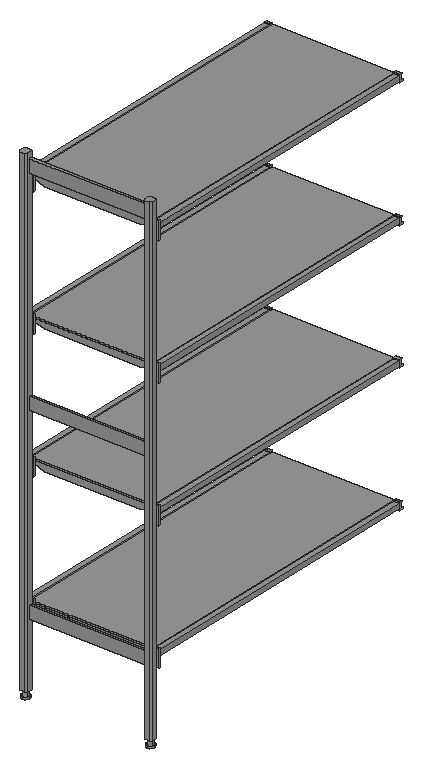
Revit family "QF_ELECTROLUXPROFESSIONAL_137074_CLS1094", category Attrezzature speciali, Revit 2020
Family settings
  Quota connettore circolare = Usa diametro
  Tipo di parte = Normale
  Basato su piano di lavoro = No
  Sempre verticale = Sì
  Taglio con vuoti quando caricato = No
  Condiviso = No
  Punto di calcolo locali = No
Parameters (values of type "Standard")
  Weight = 20.00 kg
  Watts = 0 W
  Volts = 0 V
  URL Manufacturer = "https://www.electroluxprofessional.com/"
  URL = "https://www.electroluxprofessional.com/"
  Steam Supply Size = 0 mm
  Steam Supply Minimum Pressure = 0.0 Pa
  Steam Supply Maximum Pressure = 0.0 Pa
  Steam Consumption per Hour = 0
  Refrigeration Suction Line Size = 0.0 mm
  Refrigeration Liquid Line Size = 0.0 mm
  Refrigerant Compressor Remote = yes
  Prospetto di default = 0.0 mm
  Phase = 0
  Modello = "CLS1094"
  Produttore = "Electrolux Professional"
  Length Actual = 1098.0 mm  # constant formula
  Item Number = "137074"
  Hot Water Size = 0 mm
  Height Actual = 1700.0 mm  # constant formula
  HP = "0 HP"
  Gas Size = 0 mm
  Gas KW = 0
  Gas Input Pressure = 0 W
  Direct Waste Size = 0 mm
  Descrizione = "ALUM.CORNER SHELV.-POLY.TIERS-475X1098MM"
  Depth Actual = 475.0 mm  # constant formula
  Cycle = 0 Hz
  Condensate Return Size = 0 mm
  Compressed Air Volume = 0.0 L/s
  Compressed Air Size = 0 mm
  Compressed Air Pressure = 0.0 Pa
  Cold Water Size = 0 mm
  Accessory = yes
Reference planes
  plane 1: z = 0
  plane 2 "Center (F/B)": y = -163.5
  plane 3 "Front": y = -549.5
  plane 4 "Left": x = -217.5
  plane 5 "Right": x = 257.5
  plane 6 "TOP": z = 1700
  plane 7: y = -517.5
  plane 8: y = 544.5
  plane 9 "Center (Left/Right)": x = 20
  plane 10: y = 539.5
  plane 11: x = -186
  plane 12: x = 226
  plane 13 "FEET": z = 25
  plane 14: z = 275
  plane 15: z = 725
  plane 16: z = 1175
  plane 17: z = 1625
  plane 18 "CXLeft": y = -535.5
  plane 19: x = -200
  plane 20 "CYBack": x = -200
  plane 21 "CYFront": x = 138
  plane 22 "Back": y = 548.5
  plane 23 "LEFT_ORIGIN": x = -251.5
  plane 24 "BACK_Origin": y = 1023.5
Forms (mm)
  Extrusion 1, solid, material "QF_Aluminum"
    sketch origin (0, -549.5, 0) x (-1, 0, 0) y (0, 0, 1)
      loop
        line (198.5, 1650.994) -> (198.5, 1632.998) -> (217.5, 1632.998) -> (217.5, 1650.994) -> (198.5, 1650.994)
      loop
        line (-238.5, 1650.994) -> (-257.5, 1650.994) -> (-257.5, 1632.998) -> (-238.5, 1632.998) -> (-238.5, 1650.994)
      loop
        line (198.5, 1200.994) -> (198.5, 1182.998) -> (217.5, 1182.998) -> (217.5, 1200.994) -> (198.5, 1200.994)
      loop
        line (-238.522, 1200.994) -> (-257.5, 1200.994) -> (-257.5, 1182.998) -> (-238.522, 1182.998) -> (-238.522, 1200.994)
      loop
        line (198.5, 750.994) -> (198.5, 732.998) -> (217.5, 732.998) -> (217.5, 750.994) -> (198.5, 750.994)
      loop
        line (-238.522, 750.994) -> (-257.5, 750.994) -> (-257.5, 732.998) -> (-238.522, 732.998) -> (-238.522, 750.994)
      loop
        line (198.5, 300.994) -> (198.5, 282.998) -> (217.5, 282.998) -> (217.5, 300.994) -> (198.5, 300.994)
      loop
        line (-238.522, 300.994) -> (-257.5, 300.994) -> (-257.5, 282.998) -> (-238.522, 282.998) -> (-238.522, 300.994)
    from 32 to 1094
  Extrusion 2, solid, material "QF_Polyethylene"
    sketch origin (0, -549.5, 0) x (-1, 0, 0) y (0, 0, 1)
      loop
        line (196.507, 1650.994) -> (-236.522, 1650.994) -> (-236.522, 1644.496) -> (196.507, 1644.496) -> (196.507, 1650.994)
      loop
        line (196.507, 1200.994) -> (-236.522, 1200.994) -> (-236.522, 1194.496) -> (196.507, 1194.496) -> (196.507, 1200.994)
      loop
        line (196.507, 750.994) -> (-236.522, 750.994) -> (-236.522, 744.496) -> (196.507, 744.496) -> (196.507, 750.994)
      loop
        line (196.507, 300.994) -> (-236.522, 300.994) -> (-236.522, 294.496) -> (196.507, 294.496) -> (196.507, 300.994)
    from 32 to 1094
Lines and regions (mm)
  symbolic lines
    curve 1: line (-198.5, 544.5, 1700) -> (-198.5, -517.5, 1700)
    curve 2: line (-217.5, -521.5, 1700) -> (-217.5, 544.5, 1700)
    curve 3: line (257.5, -521.5, 1700) -> (257.5, 544.5, 1700)
    curve 4: line (-181.507, -517.5, 1700) -> (221.507, -517.5, 1700)
    curve 5: line (238.522, -517.5, 1700) -> (238.522, 544.5, 1700)
    curve 6: line (-198.5, 544.5, 1700) -> (238.522, 544.5, 1700)
Dimensions and locks
  plane 3 "Front" to plane 2 "Center (F/B)" = 386.0 mm
  locked: plane 6 "TOP" to level at 1700
  locked: plane 4 "Left" to plane 5 "Right" at 475
  locked: plane 7 to plane 8 at 1062
  locked: plane 3 "Front" to plane 7 at 32
  plane 10 to plane 8 = 5.0 mm
  locked: plane 11 to plane 12 at 412
  equal spacing: plane 11, plane 9 "Center (Left/Right)", plane 12
  equal spacing: plane 4 "Left", plane 9 "Center (Left/Right)", plane 5 "Right"
  plane 13 "FEET" to level = 25.0 mm
  plane 6 "TOP" to plane 13 "FEET" = 1675.0 mm
  plane 14 to plane 13 "FEET" = 250.0 mm
  plane 15 to plane 14 = 450.0 mm
  plane 16 to plane 15 = 450.0 mm
  plane 17 to plane 16 = 450.0 mm
  locked: plane 3 "Front" to plane 18 "CXLeft" at 14
  locked: plane 3 "Front" to plane 22 "Back" at 1098
  plane 23 "LEFT_ORIGIN" to plane 5 "Right" = 509.0 mm
  locked: plane 22 "Back" to plane 24 "BACK_Origin" at 475
  aligned and locked: level to plane 1
  aligned and locked: Extrusion 2 to plane 7
  aligned and locked: plane 8 to Extrusion 2
  aligned and locked: Extrusion 1 to plane 7
  aligned and locked: plane 8 to Extrusion 1
  aligned and locked: Extrusion 1 sketch curve to Extrusion 1 sketch curve  (x2)
  aligned and locked: plane 18 "CXLeft" to nested 1
  aligned and locked: nested 2 to plane 10
Automatic sketch dimensions
  curve 2 to plane 4 "Left" = 0.0 mm
  curve 3 to plane 5 "Right" = 0.0 mm
  plane 7 to curve 1 = 0.0 mm
  plane 7 to curve 4 = 0.0 mm
  plane 7 to curve 5 = 0.0 mm
  plane 8 to curve 2 = 0.0 mm
  plane 8 to curve 1 = 0.0 mm
  plane 8 to curve 3 = 0.0 mm
  curve 5 to plane 21 "CYFront" = 100.522 mm
  plane 19 to curve 6 = 1.5 mm
  plane 7 to curve 3 = 4.0 mm
  plane 7 to curve 2 = 4.0 mm
  plane 12 to curve 4 = 4.493 mm
  curve 4 to plane 11 = 4.493 mm
  plane 5 "Right" to Extrusion 1 sketch curve = 0.0 mm  (x4)
  plane 4 "Left" to Extrusion 1 sketch curve = 0.0 mm  (x4)
  Extrusion 1 sketch curve to plane 21 "CYFront" = 100.522 mm
  Extrusion 1 sketch curve to plane 21 "CYFront" = 100.5 mm
  plane 19 to Extrusion 1 sketch curve = 1.5 mm  (x4)
  plane 14 to Extrusion 1 sketch curve = 7.998 mm  (x2)
  Extrusion 1 sketch curve to Extrusion 1 sketch curve = 17.997 mm  (x8)
  plane 15 to Extrusion 1 sketch curve = 7.998 mm  (x2)
  plane 16 to Extrusion 1 sketch curve = 7.998 mm  (x2)
  plane 17 to Extrusion 1 sketch curve = 7.998 mm  (x2)
  Extrusion 2 sketch curve to plane 21 "CYFront" = 98.522 mm  (x4)
  plane 19 to Extrusion 2 sketch curve = 3.493 mm  (x4)
  plane 14 to Extrusion 2 sketch curve = 19.496 mm
  Extrusion 2 sketch curve to Extrusion 2 sketch curve = 6.499 mm  (x4)
  plane 15 to Extrusion 2 sketch curve = 19.496 mm
  plane 16 to Extrusion 2 sketch curve = 19.496 mm
  plane 17 to Extrusion 2 sketch curve = 19.496 mm
Nested families
  nested 1: "WT_Anta475" at (-194.5, -132.5, 0) x (0, 1, 0) z (0, 0, 1), type "WT_Anta475"
  nested 2: "WT_Aggancio475" at (-194.5, 956.5, 0) x (0, 1, 0) z (0, 0, 1), type "WT_Aggancio475"
Definition of nested family "WT_Anta475"
  Parameters
    WidthLeft = A + 64.0 mm  # 772.0 mm
    Width = 1606.0 mm
    Right = WidthLeft / 2  # 386.0 mm
    Default Elevation = 0.0 mm
    Left = -WidthLeft / 2  # -386.0 mm
    Height = 1725.0 mm
    FEET = 25.0 mm
    E = 0.0 mm
    Dint = Depth - 63.0 mm  # 412.0 mm
    Dext = Depth - 8.0 mm  # 467.0 mm
    Depth = 475.0 mm
    DX = (WidthLeft - A) / 2  # 32.0 mm
    B = 798.0 mm
    A = 708.0 mm
  Reference planes
    plane 1: z = 0
    plane 2 "LEFT": x = -417
    plane 3 "BACK": y = 23
    plane 4 "FRONT": y = -452
    plane 5 "TOP": z = 1725
    plane 6 "Center (Front/Back)": y = -214.5
    plane 7: y = -8.5
    plane 8: y = -420.5
    plane 9 "FEET": z = 25
    plane 10: z = 275
    plane 11: z = 725
    plane 12: z = 1175
    plane 13: z = 1625
    plane 14 "CXLeft": x = -403
    plane 15: y = 5.5
    plane 16 "CYBack": y = 5.5
    plane 17 "CYFront": y = -434.5
    plane 18: x = -385.031
    plane 19: x = -380.031
  Forms (mm)
    Extrusion 1, solid
      sketch origin (0, 0, 0) x (1, 0, 0) y (0, 1, 0)
        loop
          line (-417, 13.246) -> (-417, -2.246) -> (-410.746, -8.5) -> (-395.254, -8.5) -> (-389, -2.246) -> (-389, 13.246) -> (-395.254, 19.5) -> (-410.746, 19.5) -> (-417, 13.246)
      from 1725 to 25
    Extrusion 2, solid
      sketch origin (-417, 0, 0) x (0, 1, 0) y (0, 0, 1)
        loop
          line (23, 246.005) -> (23, 307.993) -> (-12.993, 307.993) -> (-12.993, 246.005) -> (23, 246.005)
        loop
          line (-452, 246.005) -> (-416.007, 246.005) -> (-416.007, 307.993) -> (-452, 307.993) -> (-452, 246.005)
        loop
          line (23, 696.005) -> (23, 757.993) -> (-12.993, 757.993) -> (-12.993, 696.005) -> (23, 696.005)
        loop
          line (-452, 696.005) -> (-416.007, 696.005) -> (-416.007, 757.993) -> (-452, 757.993) -> (-452, 696.005)
        loop
          line (23, 1146.005) -> (23, 1207.993) -> (-12.993, 1207.993) -> (-12.993, 1146.005) -> (23, 1146.005)
        loop
          line (-452, 1146.005) -> (-416.007, 1146.005) -> (-416.007, 1207.993) -> (-452, 1207.993) -> (-452, 1146.005)
        loop
          line (23, 1596.005) -> (23, 1657.993) -> (-12.993, 1657.993) -> (-12.993, 1596.005) -> (23, 1596.005)
        loop
          line (-452, 1596.005) -> (-416.007, 1596.005) -> (-416.007, 1657.993) -> (-452, 1657.993) -> (-452, 1596.005)
      from 28 to 32
    Revolve 3, solid
      sketch origin (-403, 0, 0) x (0, 1, 0) y (0, 0, 1)
        loop
          line (5.5, 25) -> (5.5, 0) -> (19, 0) -> (19, 5) -> (14, 5) -> (14, 25) -> (5.5, 25)
        axis (5.5, 25) -> (5.5, 0)
      angle from 0 to 360
    Extrusion 4, solid
      sketch origin (-403, 0, 0) x (0, 1, 0) y (0, 0, 1)
        loop
          line (-8.5, 912.382) -> (-8.5, 957.374) -> (-420.5, 957.374) -> (-420.5, 912.382) -> (-8.5, 912.382)
        loop
          line (-8.5, 1662.244) -> (-8.5, 1707.236) -> (-420.5, 1707.236) -> (-420.5, 1662.244) -> (-8.5, 1662.244)
      from -5 to 5
    Revolve 5, solid
      sketch origin (-403, -627, 0) x (0, -1, 0) y (0, 0, 1)
        loop
          line (-192.5, 25) -> (-192.5, 0) -> (-179, 0) -> (-179, 5) -> (-184, 5) -> (-184, 25) -> (-192.5, 25)
        axis (-192.5, 25) -> (-192.5, 0)
      angle from 0 to 360
    Extrusion 6, solid
      sketch origin (0, -627, 0) x (1, 0, 0) y (0, 1, 0)
        loop
          line (-417, 184.754) -> (-410.746, 178.5) -> (-395.254, 178.5) -> (-389, 184.754) -> (-389, 200.246) -> (-395.254, 206.5) -> (-410.746, 206.5) -> (-417, 200.246) -> (-417, 184.754)
      from 1725 to 25
    Extrusion 7, solid
      sketch origin (-417.031, -0.022, 0) x (0, 1, 0) y (0, 0, -1)
        loop
          line (-12, -1632.998) -> (-46, -1620.994) -> (-383, -1620.994) -> (-417, -1632.998) -> (-433, -1632.998) -> (-433, -1650.994) -> (-431, -1650.994) -> (-431, -1644.496) -> (2.007, -1644.496) -> (2.007, -1650.994) -> (4, -1650.994) -> (4, -1632.998) -> (-12, -1632.998)
        loop
          line (-12, -1182.998) -> (-46, -1170.994) -> (-383, -1170.994) -> (-417, -1182.998) -> (-433, -1182.998) -> (-433, -1200.994) -> (-431, -1200.994) -> (-431, -1194.496) -> (2.007, -1194.496) -> (2.007, -1200.994) -> (4, -1200.994) -> (4, -1182.998) -> (-12, -1182.998)
        loop
          line (-12, -732.998) -> (-46, -720.994) -> (-383, -720.994) -> (-417, -732.998) -> (-433, -732.998) -> (-433, -750.994) -> (-431, -750.994) -> (-431, -744.496) -> (2.007, -744.496) -> (2.007, -750.994) -> (4, -750.994) -> (4, -732.998) -> (-12, -732.998)
        loop
          line (-12, -282.998) -> (-46, -270.994) -> (-383, -270.994) -> (-417, -282.998) -> (-433, -282.998) -> (-433, -300.994) -> (-431, -300.994) -> (-431, -294.496) -> (2.007, -294.496) -> (2.007, -300.994) -> (4, -300.994) -> (4, -282.998) -> (-12, -282.998)
      from -32 to -37
    Extrusion 8, solid
      sketch origin (-403, 0, -659.878) x (0, 1, 0) y (0, 0, 1)
        loop
          line (-8.5, 912.382) -> (-8.5, 957.374) -> (-420.5, 957.374) -> (-420.5, 912.382) -> (-8.5, 912.382)
        loop
          line (-8.5, 1572.382) -> (-8.5, 1617.374) -> (-420.5, 1617.374) -> (-420.5, 1572.382) -> (-8.5, 1572.382)
        loop
          line (-8.5, 2322.382) -> (-8.5, 2367.374) -> (-420.5, 2367.374) -> (-420.5, 2322.382) -> (-8.5, 2322.382)
      from -5 to 5
  Lines and regions (mm)
    symbolic lines
      curve 1: line (-408, -8.5, 1725) -> (-408, -420.5, 1725)
      curve 2: line (-398, -420.5, 1725) -> (-398, -8.5, 1725)
      curve 3: line (-395.254, -8.5, 1725) -> (-410.746, -8.5, 1725)
      curve 4: line (-417, -2.246, 1725) -> (-410.746, -8.5, 1725)
      curve 5: line (-417, 13.246, 1725) -> (-417, -2.246, 1725)
      curve 6: line (-410.746, 19.5, 1725) -> (-417, 13.246, 1725)
      curve 7: line (-395.254, 19.5, 1725) -> (-410.746, 19.5, 1725)
      curve 8: line (-389, 13.246, 1725) -> (-395.254, 19.5, 1725)
      curve 9: line (-395.254, -8.5, 1725) -> (-389, -2.246, 1725)
      curve 10: line (-395.254, -420.5, 1725) -> (-410.746, -420.5, 1725)
      curve 11: line (-417, -426.754, 1725) -> (-410.746, -420.5, 1725)
      curve 12: line (-410.746, -448.5, 1725) -> (-417, -442.246, 1725)
      curve 13: line (-395.254, -448.5, 1725) -> (-410.746, -448.5, 1725)
      curve 14: line (-389, -442.246, 1725) -> (-395.254, -448.5, 1725)
      curve 15: line (-395.254, -420.5, 1725) -> (-389, -426.754, 1725)
      curve 16: line (-389, -452, 1725) -> (-389, -416.007, 1725)
      curve 17: line (-389, -416.007, 1725) -> (-385, -416.007, 1725)
      curve 18: line (-389, 23, 1725) -> (-389, -12.993, 1725)
      curve 19: line (-389, -12.993, 1725) -> (-385, -12.993, 1725)
      curve 20: line (-417, -426.754, 1725) -> (-417, -442.246, 1725)
      curve 21: line (-385, -452, 1725) -> (-385, -416.007, 1725)
      curve 22: line (-385, -452, 1725) -> (-389, -452, 1725)
      curve 23: line (-385, 23, 1725) -> (-389, 23, 1725)
      curve 24: line (-385, -12.993, 1725) -> (-385, 23, 1725)
      curve 25: line (-385.031, -13.016, 1725) -> (-385.031, -416.029, 1725)
  Dimensions and locks
    "Height": plane 5 "TOP" to level
    "Depth": plane 3 "BACK" to plane 4 "FRONT"
    "Dint": plane 7 to plane 8
    equal spacing: plane 7, plane 6 "Center (Front/Back)", plane 8
    equal spacing: plane 3 "BACK", plane 6 "Center (Front/Back)", plane 4 "FRONT"
    plane 9 "FEET" to level = 25.0 mm
    plane 5 "TOP" to plane 9 "FEET" = 1700.0 mm
    plane 10 to plane 9 "FEET" = 250.0 mm
    plane 11 to plane 10 = 450.0 mm
    plane 12 to plane 11 = 450.0 mm
    plane 13 to plane 12 = 450.0 mm
    locked: plane 2 "LEFT" to plane 14 "CXLeft" at 14
    locked: plane 3 "BACK" to plane 16 "CYBack" at 17.5
    locked: plane 17 "CYFront" to plane 4 "FRONT" at 17.5
    locked: Revolve 3 sketch curve to Revolve 3 sketch curve at 8.5
    locked: Revolve 3 sketch curve to plane 16 "CYBack" at 13.5
    locked: Revolve 5 sketch curve to Revolve 5 sketch curve at 8.5
    aligned and locked: level to plane 1
    aligned and locked: curve 20 to Extrusion 6
    aligned and locked: plane 5 "TOP" to Extrusion 1
    aligned and locked: plane 5 "TOP" to Extrusion 6
    aligned and locked: Extrusion 7 sketch curve to Extrusion 7 sketch curve  (x3)
  Automatic sketch dimensions
    curve 16 to plane 4 "FRONT" = 0.0 mm
    curve 11 to plane 8 = 0.0 mm
    curve 9 to plane 7 = 0.0 mm
    curve 5 to plane 2 "LEFT" = 0.0 mm
    curve 23 to plane 3 "BACK" = 0.0 mm
    plane 4 "FRONT" to curve 13 = 3.5 mm
    curve 20 to plane 17 "CYFront" = 7.746 mm
    curve 20 to plane 8 = 6.254 mm
    plane 8 to curve 16 = 4.493 mm
    curve 24 to plane 18 = 0.031 mm
    curve 24 to plane 7 = 4.493 mm
    plane 7 to curve 5 = 6.254 mm
    curve 5 to plane 15 = 7.746 mm
    curve 6 to plane 3 "BACK" = 3.5 mm
    curve 21 to plane 18 = 0.031 mm
    plane 18 to curve 23 = 3.969 mm
    plane 18 to curve 16 = 3.969 mm
    curve 18 to curve 8 = 6.254 mm
    curve 18 to curve 3 = 6.254 mm
    curve 16 to curve 13 = 6.254 mm
    curve 16 to curve 15 = 6.254 mm
    plane 2 "LEFT" to curve 10 = 6.254 mm
    plane 2 "LEFT" to curve 7 = 6.254 mm
    plane 2 "LEFT" to curve 12 = 6.254 mm
    plane 2 "LEFT" to curve 3 = 6.254 mm
    curve 14 to plane 17 "CYFront" = 7.746 mm
    curve 15 to plane 8 = 6.254 mm
    plane 7 to curve 9 = 6.254 mm
    curve 8 to plane 15 = 7.746 mm
    curve 3 to curve 2 = 2.746 mm
    curve 1 to curve 10 = 2.746 mm
    Extrusion 1 sketch curve to plane 2 "LEFT" = 0.0 mm
    Extrusion 1 sketch curve to plane 7 = 0.0 mm
    plane 2 "LEFT" to Extrusion 1 sketch curve = 6.254 mm  (x2)
    plane 14 "CXLeft" to Extrusion 1 sketch curve = 7.746 mm  (x2)
    Extrusion 1 sketch curve to plane 3 "BACK" = 3.5 mm
    plane 18 to Extrusion 1 sketch curve = 3.969 mm
    plane 7 to Extrusion 1 sketch curve = 6.254 mm  (x2)
    Extrusion 1 sketch curve to plane 15 = 7.746 mm  (x2)
    Extrusion 2 sketch curve to plane 4 "FRONT" = 0.0 mm  (x4)
    Extrusion 2 sketch curve to plane 3 "BACK" = 0.0 mm  (x4)
    plane 8 to Extrusion 2 sketch curve = 4.493 mm  (x4)
    Extrusion 2 sketch curve to plane 7 = 4.493 mm  (x4)
    Extrusion 2 sketch curve to plane 10 = 28.995 mm  (x2)
    plane 10 to Extrusion 2 sketch curve = 32.993 mm  (x2)
    Extrusion 2 sketch curve to plane 11 = 28.995 mm  (x2)
    plane 11 to Extrusion 2 sketch curve = 32.993 mm  (x2)
    Extrusion 2 sketch curve to plane 12 = 28.995 mm  (x2)
    plane 12 to Extrusion 2 sketch curve = 32.993 mm  (x2)
    Extrusion 2 sketch curve to plane 13 = 28.995 mm  (x2)
    plane 13 to Extrusion 2 sketch curve = 32.993 mm  (x2)
    Revolve 3 sketch curve to plane 9 "FEET" = 0.0 mm  (x2)
    Revolve 3 sketch curve to plane 15 = 0.0 mm  (x2)
    Revolve 3 sketch curve to level = 0.0 mm
    level to Revolve 3 sketch curve = 5.0 mm
    Revolve 3 sketch curve to Revolve 3 sketch curve = 11.655 mm
    Extrusion 4 sketch curve to plane 8 = 0.0 mm  (x2)
    Extrusion 4 sketch curve to plane 7 = 0.0 mm  (x2)
    plane 11 to Extrusion 4 sketch curve = 187.382 mm
    Extrusion 4 sketch curve to Extrusion 4 sketch curve = 44.992 mm
    plane 13 to Extrusion 4 sketch curve = 37.244 mm
    Extrusion 4 sketch curve to plane 5 "TOP" = 17.764 mm
    Revolve 5 sketch curve to plane 9 "FEET" = 0.0 mm  (x2)
    Revolve 5 sketch curve to plane 17 "CYFront" = 0.0 mm  (x2)
    Revolve 5 sketch curve to level = 0.0 mm
    Revolve 5 sketch curve to plane 4 "FRONT" = 4.0 mm
    Revolve 5 sketch curve to Revolve 5 sketch curve = 5.0 mm
    level to Revolve 5 sketch curve = 11.655 mm
    Extrusion 6 sketch curve to plane 2 "LEFT" = 0.0 mm
    Extrusion 6 sketch curve to plane 8 = 0.0 mm
    Extrusion 6 sketch curve to plane 2 "LEFT" = 6.254 mm  (x2)
    Extrusion 6 sketch curve to plane 14 "CXLeft" = 7.746 mm  (x2)
    Extrusion 6 sketch curve to plane 4 "FRONT" = 3.5 mm
    Extrusion 6 sketch curve to plane 18 = 3.969 mm
    plane 8 to Extrusion 6 sketch curve = 6.254 mm  (x2)
    plane 17 "CYFront" to Extrusion 6 sketch curve = 7.746 mm  (x2)
    plane 17 "CYFront" to Extrusion 7 sketch curve = 1.478 mm  (x4)
    Extrusion 7 sketch curve to Extrusion 7 sketch curve = 2.0 mm
    plane 8 to Extrusion 7 sketch curve = 3.478 mm  (x4)
    Extrusion 7 sketch curve to plane 10 = 4.006 mm
    Extrusion 7 sketch curve to Extrusion 7 sketch curve = 34.0 mm  (x4)
    Extrusion 7 sketch curve to plane 11 = 4.006 mm
    Extrusion 7 sketch curve to plane 12 = 4.006 mm
    Extrusion 7 sketch curve to plane 13 = 4.006 mm
    Extrusion 7 sketch curve to plane 7 = 37.522 mm  (x4)
    Extrusion 7 sketch curve to plane 7 = 3.522 mm  (x4)
    plane 15 to Extrusion 7 sketch curve = 3.516 mm  (x4)
    plane 15 to Extrusion 7 sketch curve = 1.522 mm  (x4)
    plane 13 to Extrusion 7 sketch curve = 7.998 mm  (x2)
    Extrusion 7 sketch curve to Extrusion 7 sketch curve = 11.498 mm
    Extrusion 7 sketch curve to Extrusion 7 sketch curve = 6.499 mm  (x5)
    plane 12 to Extrusion 7 sketch curve = 25.994 mm  (x2)
    plane 12 to Extrusion 7 sketch curve = 7.998 mm  (x2)
    plane 11 to Extrusion 7 sketch curve = 25.994 mm  (x2)
    plane 11 to Extrusion 7 sketch curve = 7.998 mm  (x2)
    plane 10 to Extrusion 7 sketch curve = 25.994 mm  (x2)
    plane 10 to Extrusion 7 sketch curve = 7.998 mm  (x2)
    curve 25 to plane 18 = 0.0 mm
    plane 8 to curve 25 = 4.471 mm
    curve 25 to plane 7 = 4.516 mm
    Extrusion 8 sketch curve to plane 8 = 0.0 mm  (x3)
    Extrusion 8 sketch curve to plane 7 = 0.0 mm  (x3)
    Extrusion 8 sketch curve to plane 10 = 22.496 mm
    plane 10 to Extrusion 8 sketch curve = 22.496 mm
    plane 11 to Extrusion 8 sketch curve = 187.504 mm
    Extrusion 8 sketch curve to Extrusion 8 sketch curve = 44.992 mm
    plane 13 to Extrusion 8 sketch curve = 37.504 mm
    Extrusion 8 sketch curve to plane 5 "TOP" = 17.504 mm
Definition of nested family "WT_Aggancio475"
  Parameters
    WidthLeft = A + 64.0 mm  # 772.0 mm
    Width = 1606.0 mm
    Right = WidthLeft / 2  # 386.0 mm
    Default Elevation = 0.0 mm
    Left = -WidthLeft / 2  # -386.0 mm
    Height = 1725.0 mm
    FEET = 25.0 mm
    E = 0.0 mm
    Dint = Depth - 63.0 mm  # 412.0 mm
    Dext = Depth - 8.0 mm  # 467.0 mm
    Depth = 475.0 mm
    DX = (WidthLeft - A) / 2  # 32.0 mm
    B = 798.0 mm
    A = 708.0 mm
  Reference planes
    plane 1: z = 0
    plane 2 "LEFT": x = -417
    plane 3 "BACK": y = 23
    plane 4 "FRONT": y = -452
    plane 5 "TOP": z = 1725
    plane 6 "Center (Front/Back)": y = -214.5
    plane 7: y = -8.5
    plane 8: y = -420.5
    plane 9 "FEET": z = 25
    plane 10: z = 275
    plane 11: z = 725
    plane 12: z = 1175
    plane 13: z = 1625
    plane 14: y = 5.5
    plane 15 "CYBack": y = 5.5
    plane 16 "CYFront": y = -434.5
  Forms (mm)
    Extrusion 1, solid
      sketch origin (-380, -0.022, 0) x (0, 1, 0) y (0, 0, 1)
        loop
          line (-12, 1632.998) -> (4, 1632.998) -> (4, 1650.994) -> (2.007, 1650.994) -> (2.007, 1644.496) -> (-431, 1644.496) -> (-431, 1650.994) -> (-433, 1650.994) -> (-433, 1632.998) -> (-417, 1632.998) -> (-383, 1620.994) -> (-46, 1620.994) -> (-12, 1632.998)
        loop
          line (-12, 1182.998) -> (4, 1182.998) -> (4, 1200.994) -> (2.007, 1200.994) -> (2.007, 1194.496) -> (-431, 1194.496) -> (-431, 1200.994) -> (-433, 1200.994) -> (-433, 1182.998) -> (-417, 1182.998) -> (-383, 1170.994) -> (-46, 1170.994) -> (-12, 1182.998)
        loop
          line (-12, 732.998) -> (4, 732.998) -> (4, 750.994) -> (2.007, 750.994) -> (2.007, 744.496) -> (-431, 744.496) -> (-431, 750.994) -> (-433, 750.994) -> (-433, 732.998) -> (-417, 732.998) -> (-383, 720.994) -> (-46, 720.994) -> (-12, 732.998)
        loop
          line (-12, 282.998) -> (4, 282.998) -> (4, 300.994) -> (2.007, 300.994) -> (2.007, 294.496) -> (-431, 294.496) -> (-431, 300.994) -> (-433, 300.994) -> (-433, 282.998) -> (-417, 282.998) -> (-383, 270.994) -> (-46, 270.994) -> (-12, 282.998)
      from -32 to -37
    Extrusion 2, solid
      sketch origin (-793.062, -324.754, 6.5) x (1, 0, 0) y (0, 0, 1)
        loop
          line (385.062, 1644.496) -> (385.062, 1647.496) -> (376.062, 1647.496) -> (376.062, 1620.994) -> (390.031, 1620.994) -> (390.031, 1626.496) -> (381.062, 1626.496) -> (381.062, 1644.496) -> (385.062, 1644.496)
        loop
          line (385.062, 1194.496) -> (385.062, 1197.496) -> (376.062, 1197.496) -> (376.062, 1170.994) -> (390.031, 1170.994) -> (390.031, 1176.496) -> (381.062, 1176.496) -> (381.062, 1194.496) -> (385.062, 1194.496)
        loop
          line (385.062, 744.496) -> (385.062, 747.496) -> (376.062, 747.496) -> (376.062, 720.994) -> (390.031, 720.994) -> (390.031, 726.496) -> (381.062, 726.496) -> (381.062, 744.496) -> (385.062, 744.496)
        loop
          line (385.062, 294.496) -> (385.062, 297.496) -> (376.062, 297.496) -> (376.062, 270.994) -> (390.031, 270.994) -> (390.031, 276.496) -> (381.062, 276.496) -> (381.062, 294.496) -> (385.062, 294.496)
      from 108.268 to 127.246
    Extrusion 3, solid
      sketch origin (-793.062, 32.754, 6.5) x (1, 0, 0) y (0, 0, 1)
        loop
          line (385.062, 1644.496) -> (385.062, 1647.496) -> (376.062, 1647.496) -> (376.062, 1620.994) -> (390.031, 1620.994) -> (390.031, 1626.496) -> (381.062, 1626.496) -> (381.062, 1644.496) -> (385.062, 1644.496)
        loop
          line (385.062, 1194.496) -> (385.062, 1197.496) -> (376.062, 1197.496) -> (376.062, 1170.994) -> (390.031, 1170.994) -> (390.031, 1176.496) -> (381.062, 1176.496) -> (381.062, 1194.496) -> (385.062, 1194.496)
        loop
          line (385.062, 744.496) -> (385.062, 747.496) -> (376.062, 747.496) -> (376.062, 720.994) -> (390.031, 720.994) -> (390.031, 726.496) -> (381.062, 726.496) -> (381.062, 744.496) -> (385.062, 744.496)
        loop
          line (385.062, 294.496) -> (385.062, 297.496) -> (376.062, 297.496) -> (376.062, 270.994) -> (390.031, 270.994) -> (390.031, 276.496) -> (381.062, 276.496) -> (381.062, 294.496) -> (385.062, 294.496)
      from 9.754 to 28.776
  Lines and regions (mm)
    symbolic lines
      curve 1: line (-412, -452, 0) -> (-408, -452, 0)
      curve 2: line (-412, -433.022, 0) -> (-412, -452, 0)
      curve 3: line (-408, -433.022, 0) -> (-412, -433.022, 0)
      curve 4: line (-408, -452, 0) -> (-408, -433.022, 0)
      curve 5: line (-412, 3.978, 0) -> (-408, 3.978, 0)
      curve 6: line (-412, 23, 0) -> (-412, 3.978, 0)
      curve 7: line (-408, 23, 0) -> (-412, 23, 0)
      curve 8: line (-408, 3.978, 0) -> (-408, 23, 0)
  Dimensions and locks
    "Height": plane 5 "TOP" to level
    "Depth": plane 3 "BACK" to plane 4 "FRONT"
    "Dint": plane 7 to plane 8
    equal spacing: plane 7, plane 6 "Center (Front/Back)", plane 8
    equal spacing: plane 3 "BACK", plane 6 "Center (Front/Back)", plane 4 "FRONT"
    plane 9 "FEET" to level = 25.0 mm
    plane 5 "TOP" to plane 9 "FEET" = 1700.0 mm
    plane 10 to plane 9 "FEET" = 250.0 mm
    plane 11 to plane 10 = 450.0 mm
    plane 12 to plane 11 = 450.0 mm
    plane 13 to plane 12 = 450.0 mm
    locked: plane 3 "BACK" to plane 15 "CYBack" at 17.5
    locked: plane 16 "CYFront" to plane 4 "FRONT" at 17.5
    aligned and locked: level to plane 1
    aligned and locked: Extrusion 1 sketch curve to Extrusion 1 sketch curve  (x3)
  Automatic sketch dimensions
    plane 16 "CYFront" to Extrusion 1 sketch curve = 1.478 mm  (x4)
    Extrusion 1 sketch curve to Extrusion 1 sketch curve = 2.0 mm
    plane 8 to Extrusion 1 sketch curve = 3.478 mm  (x4)
    Extrusion 1 sketch curve to plane 10 = 4.006 mm
    Extrusion 1 sketch curve to Extrusion 1 sketch curve = 34.0 mm  (x4)
    Extrusion 1 sketch curve to plane 11 = 4.006 mm
    Extrusion 1 sketch curve to plane 12 = 4.006 mm
    Extrusion 1 sketch curve to plane 13 = 4.006 mm
    Extrusion 1 sketch curve to plane 7 = 37.522 mm  (x4)
    Extrusion 1 sketch curve to plane 7 = 3.522 mm  (x4)
    plane 14 to Extrusion 1 sketch curve = 3.516 mm  (x4)
    plane 14 to Extrusion 1 sketch curve = 1.522 mm  (x4)
    plane 10 to Extrusion 1 sketch curve = 7.998 mm  (x2)
    Extrusion 1 sketch curve to Extrusion 1 sketch curve = 11.498 mm  (x4)
    Extrusion 1 sketch curve to Extrusion 1 sketch curve = 6.499 mm  (x8)
    plane 11 to Extrusion 1 sketch curve = 7.998 mm  (x2)
    plane 12 to Extrusion 1 sketch curve = 7.998 mm  (x2)
    plane 13 to Extrusion 1 sketch curve = 7.998 mm  (x2)
    plane 2 "LEFT" to Extrusion 2 sketch curve = 0.0 mm  (x4)
    plane 13 to Extrusion 2 sketch curve = 7.996 mm
    plane 11 to Extrusion 2 sketch curve = 7.996 mm
    Extrusion 2 sketch curve to Extrusion 2 sketch curve = 5.0 mm  (x4)
    plane 11 to Extrusion 2 sketch curve = 2.494 mm
    plane 10 to Extrusion 2 sketch curve = 28.996 mm
    Extrusion 2 sketch curve to Extrusion 2 sketch curve = 3.0 mm  (x4)
    plane 10 to Extrusion 2 sketch curve = 7.996 mm
    plane 10 to Extrusion 2 sketch curve = 2.494 mm
    Extrusion 2 sketch curve to Extrusion 2 sketch curve = 18.0 mm  (x3)
    plane 12 to Extrusion 2 sketch curve = 2.494 mm
    plane 12 to Extrusion 2 sketch curve = 7.996 mm
    plane 13 to Extrusion 2 sketch curve = 2.494 mm
    plane 2 "LEFT" to Extrusion 3 sketch curve = 0.0 mm  (x4)
    plane 13 to Extrusion 3 sketch curve = 7.996 mm
    plane 11 to Extrusion 3 sketch curve = 7.996 mm
    Extrusion 3 sketch curve to Extrusion 3 sketch curve = 5.0 mm  (x4)
    plane 11 to Extrusion 3 sketch curve = 2.494 mm
    plane 10 to Extrusion 3 sketch curve = 28.996 mm
    Extrusion 3 sketch curve to Extrusion 3 sketch curve = 3.0 mm  (x4)
    plane 10 to Extrusion 3 sketch curve = 7.996 mm
    plane 10 to Extrusion 3 sketch curve = 2.494 mm
    Extrusion 3 sketch curve to Extrusion 3 sketch curve = 18.0 mm  (x3)
    plane 12 to Extrusion 3 sketch curve = 2.494 mm
    plane 12 to Extrusion 3 sketch curve = 7.996 mm
    plane 13 to Extrusion 3 sketch curve = 2.494 mm
    plane 2 "LEFT" to curve 1 = 5.0 mm
    plane 2 "LEFT" to curve 7 = 5.0 mm
    curve 1 to plane 16 "CYFront" = 17.5 mm
    curve 3 to plane 8 = 12.522 mm
    plane 7 to curve 5 = 12.478 mm
    curve 7 to plane 14 = 17.5 mm
    curve 5 to curve 5 = 4.0 mm
    curve 1 to curve 4 = 4.0 mm
    Extrusion 2 sketch curve to Extrusion 2 sketch curve = 4.0 mm  (x4)
    Extrusion 2 sketch curve to Extrusion 2 sketch curve = 8.969 mm  (x4)
    Extrusion 3 sketch curve to Extrusion 3 sketch curve = 4.0 mm  (x4)
    Extrusion 3 sketch curve to Extrusion 3 sketch curve = 8.969 mm  (x4)
